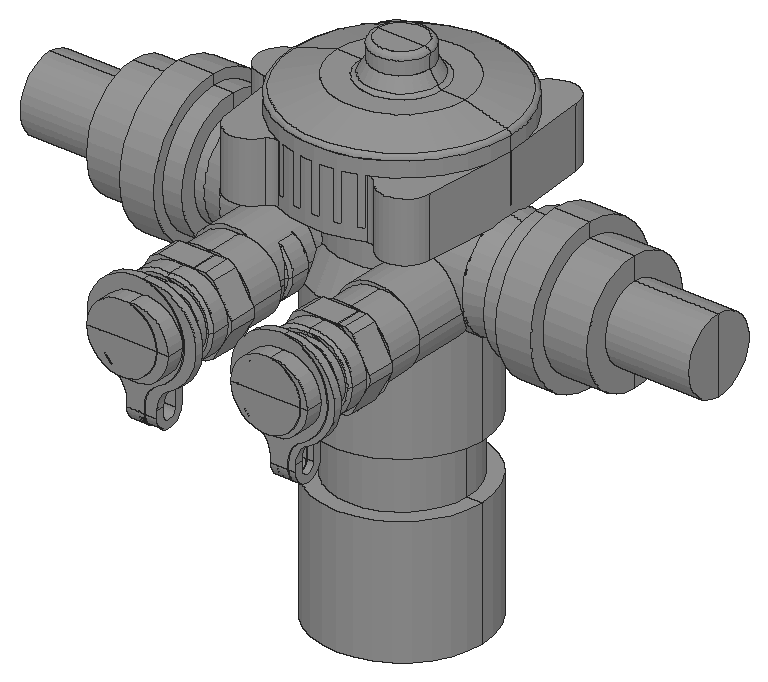
Revit family "Комби-клапан – регулятор расхода 4006_M_SMART", category Rohrzubehör, Revit 2018
Family settings
  Bemaßung runder Anschluss = Durchmesser verwenden
  Teiletyp = Unterbricht
  OmniClass-Nummer = 23.65.55.14
  OmniClass-Titel = Valves for Liquid Services
  Arbeitsebenenbasiert = Nein
  Immer vertikal = Ja
  Beim Laden mit Abzugskörper schneiden = Nein
  Gemeinsam genutzt = Nein
Parameters
  Номер заказа резьбового соединения [instance] = size_lookup("4006M_S", "Vrnr", 0, Nennweite)  # 1621011
  Номер заказа [instance] = size_lookup("4006M_S", "Artnr", 0, Nennweite)  # 1400621
  Мин. рабочая температура (антифриз) = -20 °C  # constant formula
  Мин. рабочая температура (чистая вода) = 2 °C  # constant formula
  Макс. рабочая температура до DN32 = 130 °C  # constant formula
  Макс. рабочая температура от DN40 = 110 °C  # constant formula
  Макс. рабочее давление = 1600000.0 Pa  # constant formula
  Среда = "Качество теплоносителя в соответствии с ÖNORM H5195 и/или предписаниями VDI-Standard 2035.\nРазрешается использование смеси этилен- или пропиленгликоля в соотношении 25-50% с водой."
  VRL01 [instance] = size_lookup("4006M_S", "VRL1", 30.000 mm, Nennweite)  # 30.000 mm
  V12 = 17.000 mm  # constant formula
  V10 = 7.000 mm  # constant formula
  V09 [instance] = L06 + 4.000 mm  # 11.000 mm
  V07 = 8.000 mm  # constant formula
  V06 [instance] = 12.000 mm  # constant formula
  V05 [instance] = 13.200 mm  # constant formula
  V04 [instance] = V08 + 3.000 mm  # 13.000 mm
  V03 [instance] = V08 + 5.000 mm  # 15.000 mm
  V02 [instance] = V01 + 4.500 mm  # 12.000 mm
  V01 [instance] = Nennweite / 2  # 7.500 mm
  URL = "www.herz-armaturen.ru"
  Шпиндель = "Нержавеющая сталь 14301"  # constant formula
  SCRNSEQ = "ARM;ARM_TYP=\"DURR\";2"
  SCRNCODE = "05;04;02"  # constant formula
  S09 = 10.000 mm  # constant formula
  S08 = 30.000 mm  # constant formula
  S07 [instance] = H03 + 3.700 mm  # 13.051 mm
  S06 [instance] = 42.550 mm  # constant formula
  S05 = 51.500 mm  # constant formula
  S04 [instance] = V03 * 2  # 30.000 mm
  S03 [instance] = VRL01 + L02  # 64.000 mm
  S02 [instance] = VRL01 + L01  # 71.000 mm
  S01 [instance] = L01 + L02 + (VRL01 * 2)  # 135.000 mm
  R17 [instance] = size_lookup("4006M_S", "R17", 12.500 mm, Nennweite)  # 12.500 mm
  R16 [instance] = size_lookup("4006M_S", "R16", 16.500 mm, Nennweite)  # 16.500 mm
  R15 = 7.225 mm  # constant formula
  R14 = 8.070 mm  # constant formula
  R13 = 3.496 mm  # constant formula
  R12 = 6.800 mm  # constant formula
  R11 = 9.620 mm  # constant formula
  R10 = 6.800 mm  # constant formula
  R09 = 16.292 mm  # constant formula
  R08 = 13.212 mm  # constant formula
  R07 = 18.816 mm  # constant formula
  R06 = 22.000 mm  # constant formula
  R05 = 12.954 mm  # constant formula
  R04 = 7.193 mm  # constant formula
  R03 = 5.755 mm  # constant formula
  R02 = 4.670 mm  # constant formula
  R01 [instance] = size_lookup("4006M_S", "R01", 11.000 mm, Nennweite)  # 11.000 mm
  PN = 16  # constant formula
  Кольцевое уплотнение O-Ring = "EPDM"  # constant formula
  V08 [instance] = size_lookup("4006M_S", "N2", 10.000 mm, Nennweite)  # 10.000 mm
  Nennweite/2 [instance] = size_lookup("4006M_S", "N1", 8.000 mm, Nennweite)  # 9.000 mm
  Nennweite [instance] = 15.000 mm
  Корпус мембраны = "латунь CW602N"  # constant formula
  Мембрана = "EPDM"  # constant formula
  L15 [instance] = size_lookup("4006M_S", "L15", 3.300 mm, Nennweite)  # 3.300 mm
  L14 [instance] = size_lookup("4006M_S", "L14", 43.477 mm, Nennweite)  # 43.477 mm
  L13 [instance] = size_lookup("4006M_S", "L13", 32.232 mm, Nennweite)  # 32.232 mm
  L12 [instance] = size_lookup("4006M_S", "L12", 6.497 mm, Nennweite)  # 6.497 mm
  L11 [instance] = size_lookup("4006M_S", "L11", 5.418 mm, Nennweite)  # 5.418 mm
  L10 [instance] = size_lookup("4006M_S", "L10", 12.434 mm, Nennweite)  # 12.434 mm
  L09 [instance] = size_lookup("4006M_S", "L09", 24.943 mm, Nennweite)  # 24.943 mm
  L08 [instance] = size_lookup("4006M_S", "L08", 28.260 mm, Nennweite)  # 28.260 mm
  L07 [instance] = size_lookup("4006M_S", "L07", 33.915 mm, Nennweite)  # 33.915 mm
  L06 = 7.000 mm  # constant formula
  L05 = 9.000 mm  # constant formula
  L04 = 21.000 mm  # constant formula
  L03 = 28.000 mm  # constant formula
  L02 = 34.000 mm  # constant formula
  L01 = 41.000 mm  # constant formula
  Импульсная трубка = "Медь Cu-DHP (CW024A)"  # constant formula
  Ход = 4.000 mm  # constant formula
  Hersteller = "Herz-Armaturen GmbH"  # constant formula
  H04 = 12.000 mm  # constant formula
  H03 = 9.351 mm  # constant formula
  H02 [instance] = size_lookup("4006M_S", "H2", 69.000 mm, Nennweite)  # 69.000 mm
  H01 [instance] = size_lookup("4006M_S", "H1", 35.000 mm, Nennweite)  # 35.000 mm
  H [instance] = 112.553 mm  # constant formula
  Корпус = "Латунь, устойчивая к селективной цинковой коррозии"  # constant formula
  E20 = 108.221 mm  # constant formula
  E19 = 5.000 mm  # constant formula
  E18 = 5.150 mm  # constant formula
  E17 = 28.850 mm  # constant formula
  E16 = 23.700 mm  # constant formula
  E15 = 21.877 mm  # constant formula
  E14 = 20.506 mm  # constant formula
  E13 = 11.063 mm  # constant formula
  E12 = 9.001 mm  # constant formula
  E11 = 10.700 mm  # constant formula
  E10 = 20.427 mm  # constant formula
  E09 = 20.075 mm  # constant formula
  E08 = 20.825 mm  # constant formula
  E07 = 5.150 mm  # constant formula
  E06 = 17.921 mm  # constant formula
  E05 = 20.519 mm  # constant formula
  E04 = 19.704 mm  # constant formula
  E03 = 18.385 mm  # constant formula
  E02 = 20.014 mm  # constant formula
  E01 = 23.000 mm  # constant formula
  Пружина = "Пружинная нержавеющая сталь"  # constant formula
  DN20 [instance] = yes
  DN15 [instance] = yes
  Защитный колпачок = "Пластик"  # constant formula
  B09 = 7.998 mm  # constant formula
  B08 = 23.556 mm  # constant formula
  B07 = 30.908 mm  # constant formula
  B06 = 39.471 mm  # constant formula
  B05 = 40.933 mm  # constant formula
  B04 = 41.901 mm  # constant formula
  B03 = 44.372 mm  # constant formula
  B02 = 45.400 mm  # constant formula
  B01 = 50.000 mm  # constant formula
  Область применения = "Комби-клапан применяется в системах отопления и охлаждения с насосами. Комби-клапан автоматически ограничивает расход на выбранном участке системы до заданного значения, компенсируя все колебания давления. При этом нет необходимости в измерениях, а регулирование эффективно при любых условиях эксплуатации. Комби-клапан регулирует расход в соответствии с настройкой до заданного значения; на мембрану воздействует давление непосредственно до и после регулирующей части."
Reference planes
  plane 1 "Mitte (Vorne/hinten)": y = 0
  plane 2: z = 0
  plane 3 "Mitte (Links/rechts)": x = 0
Forms (mm)
  Revolve 1, solid, material "Messing, weicher Gelbton, geschweißt", detail levels fine
    sketch origin (0, 0, 0) x (1, 0, 0) y (0, 0, 1)
      loop
        line (-41, 9) -> (-34, 9) -> (-34, 0) -> (27, 0) -> (27, 9) -> (34, 9) -> (34, 10) -> (25, 10) -> (21, 11) -> (-28, 11) -> (-32, 10) -> (-41, 10) -> (-41, 9)
      axis (-41, 0) -> (34, 0)
    angle from 0 to 360
  Revolve 2, solid, material "Messing, weicher Gelbton, geschweißt", detail levels fine
    sketch origin (0, 0, 0) x (1, 0, 0) y (0, 0, 1)
      loop
        line (0, -69) -> (16.292, -69) -> (16.292, -43.477) -> (13.212, -43.477) -> (13.212, -32.232) -> (16.292, -32.232) -> (16.292, -6.497) -> (13.212, 0.106) -> (13.212, 5.418) -> (18.816, 12.434) -> (22, 12.434) -> (22, 24.943)
        arc (22, 24.943) -> (21.752, 25.523) -> (21.223, 25.866) r 1.085
        line (21.223, 25.866) -> (12.954, 28.26) -> (8.134, 28.26)
        arc (8.134, 28.26) -> (7.591, 28.406) -> (7.193, 28.803) r 1.086
        line (7.193, 28.803) -> (5.755, 31.294) -> (5.755, 33.915)
        arc (5.755, 33.915) -> (5.437, 34.682) -> (4.67, 35) r 1.085
        line (4.67, 35) -> (0, 35) -> (0, -69)
      axis (0, 35) -> (0, -69)
    angle from 0 to 360
  Extrusion 3, solid, material "Messing, weicher Gelbton, geschweißt", detail levels fine
    sketch origin (0, 0, 28.917) x (1, 0, 0) y (0, 1, 0)
      loop
        arc (-20.506, 17.921) -> (-21.381, 11.556) -> (-21.877, 5.15) r 108.259
        line (-21.877, 5.15) -> (-23.7, 5.15)
        arc (-23.7, 5.15) -> (-27.342, 3.642) -> (-28.85, 0) r 5.15
        arc (-28.85, 0) -> (-27.342, -3.642) -> (-23.7, -5.15) r 5.15
        line (-23.7, -5.15) -> (-21.877, -5.15)
        arc (-21.877, -5.15) -> (-21.356, -11.79) -> (-20.427, -18.385) r 108.259
        arc (-20.427, -18.385) -> (-16.688, -23.223) -> (-11.063, -20.825) r 5
        arc (-11.063, -20.825) -> (-10.143, -20.146) -> (-9.001, -20.075) r 2.019
        arc (-9.001, -20.075) -> (0, -22.001) -> (9.001, -20.075) r 22.001
        arc (9.001, -20.075) -> (10.143, -20.145) -> (11.063, -20.825) r 2.019
        arc (11.063, -20.825) -> (16.688, -23.223) -> (20.427, -18.385) r 5
        arc (20.427, -18.385) -> (22, 0) -> (20.427, 18.385) r 108.221
        arc (20.427, 18.385) -> (16.253, 23.316) -> (10.7, 20.014) r 5
        arc (10.7, 20.014) -> (9.88, 19.699) -> (9.001, 19.704) r 2.379
        arc (9.001, 19.704) -> (0, 21.663) -> (-9.001, 19.704) r 21.663
        arc (-9.001, 19.704) -> (-10.161, 19.785) -> (-11.063, 20.519) r 1.927
        arc (-11.063, 20.519) -> (-16.774, 22.818) -> (-20.506, 17.921) r 5.079
    from -18.973 to -6.973
  Revolve 4, solid, material "Messing, weicher Gelbton, geschweißt", detail levels fine
    sketch origin (0, 0, -3.3) x (1, 0, 0) y (0, 1, 0)
      loop
        line (-24.57, -7.998) -> (-24.57, -22.322) -> (-16.5, -22.322) -> (-16.5, -7.998) -> (-24.57, -7.998)
      axis (-16.5, -7.998) -> (-16.5, -22.322)
    angle from 0 to 360
  Revolve 5, solid, material "Messing, weicher Gelbton, geschweißt", detail levels fine
    sketch origin (-4, 0, -3.3) x (-1, 0, 0) y (0, -1, 0)
      loop
        line (-24.57, 7.998) -> (-16.5, 7.998) -> (-16.5, 22.322) -> (-24.57, 22.322) -> (-24.57, 7.998)
      axis (-16.5, 7.998) -> (-16.5, 22.322)
    angle from 0 to 360
  Revolve 6, solid, material "Messing, weicher Gelbton, geschweißt", detail levels fine
    sketch origin (0, 0, 0) x (1, 0, 0) y (0, 0, 1)
      loop
        line (34, 0) -> (64, 0) -> (64, 7.5) -> (47, 7.5) -> (47, 12) -> (38, 12) -> (38, 15) -> (31, 15) -> (31, 13) -> (27, 13) -> (27, 10) -> (34, 10) -> (34, 0)
      axis (27, 0) -> (64, 0)
    angle from 0 to 360
  Revolve 7, solid, material "Messing, weicher Gelbton, geschweißt", detail levels fine
    sketch origin (-7, 0, 0) x (-1, 0, 0) y (0, 0, 1)
      loop
        line (34, 0) -> (64, 0) -> (64, 7.5) -> (47, 7.5) -> (47, 12) -> (38, 12) -> (38, 15) -> (31, 15) -> (31, 13) -> (27, 13) -> (27, 10) -> (34, 10) -> (34, 0)
      axis (27, 0) -> (64, 0)
    angle from 0 to 360
Lines and regions (mm)
  model lines, detail levels coarse+medium
    curve 1: line (67.5, -15, 0) -> (67.5, 15, 0)
    curve 2: line (67.5, 15, 0) -> (-67.5, -15, 0)
    curve 3: line (-67.5, -15, 0) -> (-67.5, 15, 0)
    curve 4: line (-67.5, 15, 0) -> (67.5, -15, 0)
    curve 5: line (-67.5, 14.673, 0) -> (0, -12.434, 0)
    curve 6: line (0, -12.434, 0) -> (67.5, 14.673, 0)
    curve 7: line (0, -12.434, 0) -> (0, -21.949, 0)
    curve 8: spline (-22, -28.474, 0) -> (-21.25, -26.786, 0) -> (-19.053, -25.212, 0) -> (-15.556, -23.86, 0) -> (-11, -22.823, 0) -> (-5.694, -22.171, 0) -> (0, -21.949, 0) -> (5.694, -22.171, 0) -> (11, -22.823, 0) -> (15.556, -23.86, 0) -> (19.053, -25.212, 0) -> (21.25, -26.786, 0) -> (22, -28.475, 0) -> (21.25, -30.163, 0) -> (19.053, -31.737, 0) -> (15.556, -33.089, 0) -> (11, -34.126, 0) -> (5.694, -34.778, 0) -> (0, -35, 0) -> (-5.694, -34.778, 0) -> (-11, -34.126, 0) -> (-15.556, -33.089, 0) -> (-19.053, -31.737, 0) -> (-21.25, -30.163, 0) -> (-22, -28.474, 0)
    curve 9: line (-67.5, 0, 15) -> (-67.5, 0, -14.954)
    curve 10: line (-67.5, 0, -14.954) -> (67.5, 0, 15)
    curve 11: line (67.5, 0, 15) -> (67.5, 0, -14.954)
    curve 12: line (67.5, 0, -14.954) -> (-67.5, 0, 15)
    curve 13: line (67.5, 0, -15) -> (0, 0, 12.434)
    curve 14: line (0, 0, 12.434) -> (-67.5, 0, -15)
    curve 15: line (0, 0, 12.434) -> (0, 0, 21.949)
    curve 16: spline (-22, 0, 28.475) -> (-21.25, 0, 30.163) -> (-19.053, 0, 31.737) -> (-15.556, 0, 33.089) -> (-11, 0, 34.126) -> (-5.694, 0, 34.778) -> (0, 0, 35) -> (5.694, 0, 34.778) -> (11, 0, 34.126) -> (15.556, 0, 33.089) -> (19.053, 0, 31.737) -> (21.25, 0, 30.163) -> (22, 0, 28.474) -> (21.25, 0, 26.786) -> (19.053, 0, 25.212) -> (15.556, 0, 23.86) -> (11, 0, 22.823) -> (5.694, 0, 22.171) -> (0, 0, 21.949) -> (-5.694, 0, 22.171) -> (-11, 0, 22.823) -> (-15.556, 0, 23.86) -> (-19.053, 0, 25.212) -> (-21.25, 0, 26.786) -> (-22, 0, 28.475)
  model lines
    curve 17: line (-67.5, 0, 15) -> (-77.5, 0, 15)
    curve 18: line (-77.5, 0, 15) -> (-67.5, 0, 0)
    curve 19: line (-67.5, 0, -15) -> (-77.5, 0, -15)
    curve 20: line (-77.5, 0, -15) -> (-67.5, 0, 0)
    curve 21: line (-67.5, 0, 0) -> (-97.5, 0, 0)
    curve 22: line (67.5, 0, 15) -> (77.5, 0, 15)
    curve 23: line (77.5, 0, 15) -> (67.5, 0, 0)
    curve 24: line (67.5, 0, -15) -> (77.5, 0, -15)
    curve 25: line (77.5, 0, -15) -> (67.5, 0, 0)
    curve 26: line (67.5, 0, 0) -> (97.5, 0, 0)
Dimensions and locks
  "H02": level to Revolve 2 sketch curve
  "L01": plane 3 "Mitte (Links/rechts)" to Revolve 1 sketch curve
  "V08": Revolve 1 sketch curve to Revolve 1 sketch curve  (x2)
  "Nennweite/2": Revolve 1 sketch curve to Revolve 1 sketch curve  (x2)
  "E01": plane 1 "Mitte (Vorne/hinten)" to Extrusion 3 sketch curve
  "L03": plane 3 "Mitte (Links/rechts)" to Revolve 1 sketch curve
  "L04": Revolve 1 sketch curve to plane 3 "Mitte (Links/rechts)"
  "L05": Revolve 1 sketch curve to Revolve 1 sketch curve  (x2)
  "L06": Revolve 1 sketch curve to Revolve 1 sketch curve  (x2)
  "L02": Revolve 1 sketch curve to plane 3 "Mitte (Links/rechts)"
  "H01": Revolve 2 sketch curve to level
  "R02": Revolve 2 sketch curve to Revolve 2 sketch curve
  "R03": Revolve 2 sketch curve to Revolve 2 sketch curve
  "R04": Revolve 2 sketch curve to Revolve 2 sketch curve
  "R05": Revolve 2 sketch curve to Revolve 2 sketch curve
  "R06": Revolve 2 sketch curve to Revolve 2 sketch curve
  "R07": Revolve 2 sketch curve to Revolve 2 sketch curve
  "R08": Revolve 2 sketch curve to Revolve 2 sketch curve  (x2)
  "R09": Revolve 2 sketch curve to Revolve 2 sketch curve  (x2)
  "L07": Revolve 2 sketch curve to plane 2
  "L08": Revolve 2 sketch curve to plane 2
  "L09": Revolve 2 sketch curve to plane 2
  "L10": Revolve 2 sketch curve to plane 2
  "L11": Revolve 2 sketch curve to plane 2
  "L12": plane 2 to Revolve 2 sketch curve
  "L13": plane 2 to Revolve 2 sketch curve
  "L14": plane 2 to Revolve 2 sketch curve
  "B09": Revolve 4 sketch curve to plane 1 "Mitte (Vorne/hinten)"
  "R14": Revolve 4 sketch curve to Revolve 4 sketch curve
  "R14": Revolve 5 sketch curve to Revolve 5 sketch curve
  "B09": plane 1 "Mitte (Vorne/hinten)" to Revolve 5 sketch curve
  "R17": plane 3 "Mitte (Links/rechts)" to Revolve 5 sketch curve
  "E02": plane 1 "Mitte (Vorne/hinten)" to Extrusion 3 sketch curve
  "E03": plane 1 "Mitte (Vorne/hinten)" to Extrusion 3 sketch curve
  "E04": plane 1 "Mitte (Vorne/hinten)" to Extrusion 3 sketch curve  (x2)
  "E05": plane 1 "Mitte (Vorne/hinten)" to Extrusion 3 sketch curve
  "E06": plane 1 "Mitte (Vorne/hinten)" to Extrusion 3 sketch curve
  "E07": plane 1 "Mitte (Vorne/hinten)" to Extrusion 3 sketch curve  (x2)
  "E03": Extrusion 3 sketch curve to plane 1 "Mitte (Vorne/hinten)"  (x2)
  "E08": Extrusion 3 sketch curve to plane 1 "Mitte (Vorne/hinten)"  (x2)
  "E09": Extrusion 3 sketch curve to plane 1 "Mitte (Vorne/hinten)"  (x2)
  "E07": Extrusion 3 sketch curve to plane 1 "Mitte (Vorne/hinten)"
  "E10": plane 3 "Mitte (Links/rechts)" to Extrusion 3 sketch curve  (x2)
  "E11": plane 3 "Mitte (Links/rechts)" to Extrusion 3 sketch curve
  "E12": plane 3 "Mitte (Links/rechts)" to Extrusion 3 sketch curve  (x2)
  "E12": Extrusion 3 sketch curve to plane 3 "Mitte (Links/rechts)"  (x2)
  "E13": Extrusion 3 sketch curve to plane 3 "Mitte (Links/rechts)"  (x2)
  "E14": Extrusion 3 sketch curve to plane 3 "Mitte (Links/rechts)"
  "E15": Extrusion 3 sketch curve to plane 3 "Mitte (Links/rechts)"  (x2)
  "E16": Extrusion 3 sketch curve to plane 3 "Mitte (Links/rechts)"  (x2)
  "E17": Extrusion 3 sketch curve to plane 3 "Mitte (Links/rechts)"
  "E10": Extrusion 3 sketch curve to plane 3 "Mitte (Links/rechts)"
  "E13": plane 3 "Mitte (Links/rechts)" to Extrusion 3 sketch curve
  "H03": Revolve 2 to Extrusion 3
  "R16": Revolve 4 sketch curve to plane 3 "Mitte (Links/rechts)"
  "H04": Extrusion 3 to Extrusion 3
  "R01": Revolve 1 sketch curve to Revolve 1 sketch curve
  "V03": Revolve 6 sketch curve to plane 2
  "V04": Revolve 6 sketch curve to plane 2
  "V08": Revolve 6 sketch curve to plane 2
  "L06": Revolve 6 sketch curve to Revolve 6 sketch curve
  "L02": plane 3 "Mitte (Links/rechts)" to Revolve 6 sketch curve
  "V01": Revolve 6 sketch curve to plane 2
  "V02": Revolve 6 sketch curve to plane 2
  "V09": Revolve 6 sketch curve to Revolve 6 sketch curve
  "V10": Revolve 6 sketch curve to Revolve 6 sketch curve
  "V12": Revolve 6 sketch curve to Revolve 6 sketch curve
  "L06": Revolve 7 sketch curve to Revolve 7 sketch curve
  "V09": Revolve 7 sketch curve to Revolve 7 sketch curve
  "V10": Revolve 7 sketch curve to Revolve 7 sketch curve
  "V12": Revolve 7 sketch curve to Revolve 7 sketch curve
  "L01": Revolve 7 sketch curve to plane 3 "Mitte (Links/rechts)"
  "V01": Revolve 7 sketch curve to plane 2
  "V02": Revolve 7 sketch curve to plane 2
  "V03": Revolve 7 sketch curve to plane 2
  "V08": Revolve 7 sketch curve to plane 2
  "V04": Revolve 7 sketch curve to plane 2
  "VRL01": Revolve 7 sketch curve to Revolve 7 sketch curve
  "S04": curve 3 to curve 4
  "S04": curve 4 to curve 2
  "VRL01": Revolve 6 sketch curve to Revolve 6 sketch curve
  equal spacing: curve 3, plane 1 "Mitte (Vorne/hinten)", curve 4
  equal spacing: curve 4, plane 1 "Mitte (Vorne/hinten)", curve 2
  equal spacing: curve 3, plane 3 "Mitte (Links/rechts)", curve 1
  "R06": curve 8 to plane 3 "Mitte (Links/rechts)" to curve 8
  "S01": curve 3 to curve 1
  "L10": curve 7 to plane 1 "Mitte (Vorne/hinten)"
  "H01": curve 8 to plane 1 "Mitte (Vorne/hinten)"
  "S07": curve 8 to curve 8
  "S01": curve 9 to curve 11
  equal spacing: curve 9, curve 8, curve 11
  equal spacing: curve 9, plane 3 "Mitte (Links/rechts)", curve 11
  "S04": curve 11 to curve 13
  "S04": curve 12 to curve 14
  equal spacing: curve 12, plane 2, curve 14
  equal spacing: curve 11, plane 2, curve 13
  "R06": curve 16 to plane 3 "Mitte (Links/rechts)" to curve 16
  "S07": curve 16 to curve 16
  "H01": curve 16 to plane 2
  "L10": curve 15 to plane 2
  "S09": curve 18 to curve 9
  "S09": curve 20 to curve 9
  "V03": curve 17 to plane 2 to curve 19
  "S08": curve 21 to curve 9
  "S09": curve 11 to curve 23
  "S09": curve 11 to curve 25
  "S08": curve 11 to curve 26
  "V03": curve 22 to plane 2 to curve 24
  "L15": plane 2 to Revolve 4
  "L15": plane 2 to Revolve 5
  "L15": plane 2 to nested 2
  "L15": plane 2 to nested 4
  "L15": plane 2 to nested 3
  "L15": plane 2 to nested 5
  "B01": nested 2 to plane 1 "Mitte (Vorne/hinten)"
  "B01": nested 4 to plane 1 "Mitte (Vorne/hinten)"
  "B01": nested 5 to plane 1 "Mitte (Vorne/hinten)"
  "B01": nested 3 to plane 1 "Mitte (Vorne/hinten)"
  "E18": radius of Extrusion 3 sketch curve  (x2)
  "E19": radius of Extrusion 3 sketch curve  (x3)
  "E20": radius of Extrusion 3 sketch curve
  aligned and locked: level to plane 2
Automatic sketch dimensions
  curve 18 to level = 0.000 mm
  curve 26 to level = 0.000 mm
  curve 19 to curve 18 = 10.000 mm
  curve 26 to curve 22 = 10.000 mm
  curve 17 to curve 17 = 10.000 mm
  curve 19 to curve 19 = 10.000 mm
  curve 22 to curve 22 = 10.000 mm
  curve 24 to curve 24 = 10.000 mm
  curve 6 to plane 3 "Mitte (Links/rechts)" = 0.000 mm
  curve 6 to curve 1 = 0.327 mm
  curve 5 to curve 3 = 0.327 mm
  Revolve 1 sketch curve to level = 0.000 mm  (x2)
  Revolve 1 sketch curve to Revolve 1 sketch curve = 1307.458 mm
  Revolve 1 sketch curve to Revolve 1 sketch curve = 1854.450 mm
  Revolve 2 sketch curve to plane 3 "Mitte (Links/rechts)" = 0.000 mm  (x2)
  Revolve 2 sketch curve to Revolve 2 sketch curve = 0.941 mm
  Revolve 2 sketch curve to Revolve 2 sketch curve = 1.078 mm
  Revolve 2 sketch curve to Revolve 2 sketch curve = 0.302 mm
  level to Revolve 2 sketch curve = 0.106 mm
  Revolve 2 sketch curve to Revolve 2 sketch curve = 0.119 mm
  Revolve 2 sketch curve to Revolve 2 sketch curve = 0.543 mm
  Revolve 2 sketch curve to Revolve 2 sketch curve = 2.621 mm
  Revolve 2 sketch curve to Revolve 2 sketch curve = 297.045 mm
  Revolve 2 sketch curve to Revolve 2 sketch curve = 2179.315 mm
  Extrusion 3 sketch curve to Extrusion 3 sketch curve = 0.000 mm  (x4)
  plane 1 "Mitte (Vorne/hinten)" to Extrusion 3 sketch curve = 0.000 mm
  Extrusion 3 sketch curve to Extrusion 3 sketch curve = 1.610 mm  (x2)
  Extrusion 3 sketch curve to Extrusion 3 sketch curve = 0.451 mm
  Extrusion 3 sketch curve to Extrusion 3 sketch curve = 0.452 mm
  Revolve 4 sketch curve to Revolve 4 sketch curve = 14.324 mm
  Revolve 4 sketch curve to Revolve 4 sketch curve = 0.000 mm  (x3)
  Revolve 5 sketch curve to Revolve 5 sketch curve = 14.324 mm
  Revolve 5 sketch curve to Revolve 5 sketch curve = 0.000 mm  (x3)
  Revolve 6 sketch curve to level = 0.000 mm  (x2)
  Revolve 6 sketch curve to Revolve 6 sketch curve = 0.000 mm  (x2)
  Revolve 7 sketch curve to level = 0.000 mm  (x2)
  Revolve 7 sketch curve to Revolve 7 sketch curve = 0.000 mm  (x2)
  curve 14 to plane 3 "Mitte (Links/rechts)" = 0.000 mm
  curve 14 to curve 10 = 0.046 mm
  curve 13 to curve 12 = 0.046 mm
Nested families
  nested 1: "Herz-Logo-vorne" at (0, -16.056, -19.148) x (0, 1, 0) z (0, 0, 1), type "Herz-Logo-vorne", detail levels fine
  nested 2: "Messstutzen_Band_Eintritt" at (-16.5, -13.322, -3.3), visible <- "DN15", type "Messstutzen_Band_Eintritt"
    with Schutzkappe yes, Nennweite 0.000 mm, Gewicht 0.00 kg, Bestellnummer 0
  nested 3: "Messstutzen_Band_Austritt" at (12.5, -13.322, -3.3), visible <- "DN15", type "Messstutzen_Band_Austritt"
    with Schutzkappe yes, Nennweite 0.000 mm, Gewicht 0.00 kg, Bestellnummer 0
  nested 4: "Messstutzen_Band_Eintritt" at (-14, -13.322, -3.3), visible <- "DN20", type "Messstutzen_Band_Eintritt"
    with Schutzkappe yes, Nennweite 0.000 mm, Gewicht 0.00 kg, Bestellnummer 0
  nested 5: "Messstutzen_Band_Austritt" at (14, -13.322, -3.3), visible <- "DN20", type "Messstutzen_Band_Austritt"
    with Schutzkappe yes, Nennweite 0.000 mm, Gewicht 0.00 kg, Bestellnummer 0
Connectors
  piping at (64, 0, 0), diameter 15, driven by "Nennweite"
    settings: on Revolve 6, index 3, connector inside diameter 609.6 mm, connector length 0.000 mm, flow factor 0, pipe flow 0.0 L/s, pressure drop 0.0 Pa, fitting loss kfactor 0, connector angle 0.00°, fixture units 0, engagement length 0.000 mm, angle of deflection 0.00°, flow configuration 0, flow direction 2, fitting loss method 0, system type 29, joint type 0, gender type 0, connector reference index -1, connector utility 0, adjustable connector no, is connector primary yes, connector description ""
  piping at (-71, 0, 0), diameter 15, driven by "Nennweite"
    settings: on Revolve 7, index 4, connector inside diameter 609.6 mm, connector length 0.000 mm, flow factor 0, pipe flow 0.0 L/s, pressure drop 0.0 Pa, fitting loss kfactor 0, connector angle 0.00°, fixture units 0, engagement length 0.000 mm, angle of deflection 0.00°, flow configuration 0, flow direction 1, fitting loss method 0, system type 29, joint type 0, gender type 0, connector reference index -1, connector utility 0, adjustable connector no, is connector primary no, connector description ""
Definition of nested family "Herz-Logo-vorne"
  Reference planes
    plane 1 "Mitte (Vorne/hinten)": y = 0
    plane 2: z = 0
    plane 3 "Mitte (Links/rechts)": x = 0
  Forms (mm)
    Extrusion 1, solid
      sketch origin (0.732, -0.018, 0.017) x (0, -1, 0) y (0, 0, 1)
        loop
          line (-0.018, -4.517) -> (4.482, -4.517) -> (4.482, 4.483) -> (-4.518, 4.483) -> (-4.518, -4.517) -> (-0.018, -4.517)
        loop
          line (-0.05, -3.48) -> (3.482, -3.48) -> (3.482, 3.483) -> (-3.518, 3.483) -> (-3.518, -3.48) -> (-0.05, -3.48)
        loop
          arc (-0.018, 2.383) -> (-1.543, 3.287) -> (-3.067, 2.383) r 1.738
          arc (-3.067, 2.383) -> (-3.191, 1.899) -> (-3.067, 1.415) r 1.009
          line (-3.067, 1.415) -> (-0.018, -3.281) -> (3.032, 1.415)
          arc (3.032, 1.415) -> (3.156, 1.899) -> (3.032, 2.383) r 1.009
          arc (3.032, 2.383) -> (1.507, 3.287) -> (-0.018, 2.383) r 1.738
        loop
          arc (1.885, 1.272) -> (2.005, 1.675) -> (1.885, 2.079) r 0.74
          arc (1.885, 2.079) -> (1.265, 2.416) -> (0.644, 2.079) r 0.74
          line (0.644, 2.079) -> (-0.018, 0.97) -> (-0.679, 2.079)
          arc (-0.679, 2.079) -> (-1.3, 2.416) -> (-1.921, 2.079) r 0.74
          arc (-1.921, 2.079) -> (-2.04, 1.675) -> (-1.921, 1.272) r 0.74
          line (-1.921, 1.272) -> (-0.018, -1.658) -> (1.885, 1.272)
      from 0 to 1.5
  Dimensions and locks
    aligned and locked: level to plane 2
Definition of nested family "Messstutzen_Band_Eintritt"
  Parameters (values of type "Messstutzen_Band_Eintritt")
    URL = "www.herz-armaturen.at"
    Schutzkappe [instance] = yes
    Nennweite [instance] = 0.000 mm
    Manufacturer = "Herz Armaturen GmbH"  # constant formula
    Gewicht [instance] = 0.00 kg
    Bestellnummer [instance] = 0
  Reference planes
    plane 1 "Mitte (Vorne/hinten)": y = 0
    plane 2: z = 0
    plane 3 "Mitte (Links/rechts)": x = 0
    plane 4 "Schlaufe 1": y = -27
    plane 5 "Schlaufe 2": y = -31.678
  Forms (mm)
    Revolve 1, solid, detail levels fine
      sketch origin (0, 0, 0) x (1, 0, 0) y (0, 1, 0)
        loop
          line (-7.4, -9) -> (-7.4, -16.5)
          arc (-7.4, -16.5) -> (-7.693, -17.207) -> (-8.4, -17.5) r 1
          line (-8.4, -17.5) -> (-2, -17.5) -> (-2, 0) -> (-5.555, 0) -> (-6.455, -0.9) -> (-6.455, -4.681) -> (-5.843, -5.293)
          arc (-5.843, -5.293) -> (-5.626, -5.617) -> (-5.55, -6) r 1
          line (-5.55, -6) -> (-5.55, -9) -> (-7.4, -9)
        loop
          line (-3.7, -27) -> (-3.7, -30.45) -> (-4.415, -30.863) -> (-4.415, -35.19) -> (-3.805, -35.8) -> (-2, -35.8) -> (-2, -23) -> (-7.9, -23) -> (-7.9, -26.4) -> (-7.3, -27) -> (-3.7, -27)
        axis (0, 0) -> (0, -35.8)
      angle from 0 to 360
    Extrusion 2, solid, detail levels fine
      sketch origin (0, -17.5, 0) x (-1, 0, 0) y (0, 0, -1)
        loop
          line (5.156, -7.07) -> (8.7, -0.93)
          arc (8.7, -0.93) -> (8.75, 0) -> (8.7, 0.93) r 8.75
          line (8.7, 0.93) -> (5.156, 7.07)
          arc (5.156, 7.07) -> (4.375, 7.578) -> (3.544, 8) r 8.75
          line (3.544, 8) -> (-3.544, 8)
          arc (-3.544, 8) -> (-4.375, 7.578) -> (-5.156, 7.07) r 8.75
          line (-5.156, 7.07) -> (-8.7, 0.93)
          arc (-8.7, 0.93) -> (-8.75, 0) -> (-8.7, -0.93) r 8.75
          line (-8.7, -0.93) -> (-5.156, -7.07)
          arc (-5.156, -7.07) -> (-4.375, -7.578) -> (-3.544, -8) r 8.75
          line (-3.544, -8) -> (3.544, -8)
          arc (3.544, -8) -> (4.375, -7.578) -> (5.156, -7.07) r 8.75
      from 0 to 5.5
    Revolve 3, solid, visible <- "Schutzkappe", detail levels fine
      sketch origin (0, 0, 0) x (1, 0, 0) y (0, 1, 0)
        loop
          line (0, -35.878) -> (-3.805, -35.878) -> (-4.415, -35.268) -> (-4.415, -30.178) -> (-6.9, -30.178) -> (-6.9, -31.678) -> (-6.1, -31.678) -> (-6.1, -33.378) -> (-7, -33.378) -> (-7, -36.678) -> (0, -36.678) -> (0, -35.878)
        axis (0, -30.178) -> (0, -36.678)
      angle from 0 to 360
    Extrusion 4, solid, detail levels fine
      sketch origin (0, -27, 0) x (0, 0, -1) y (-1, 0, 0)
        loop
          circle (0, 0) r 3.7
        loop
          arc (5.505, 3.906) -> (-6.75, 0) -> (5.505, -3.906) r 6.75
          arc (5.505, -3.906) -> (7.288, -2.358) -> (9.582, -1.8) r 5
          line (9.582, -1.8) -> (9.582, 1.8)
          arc (9.582, 1.8) -> (7.288, 2.358) -> (5.505, 3.906) r 5
      from 0 to -1.5
    Extrusion 5, solid, detail levels fine
      sketch origin (0, -31.678, 0) x (0, 0, -1) y (-1, 0, 0)
        loop
          circle (0, 0) r 6.1
        loop
          arc (8.652, 4.495) -> (-9.75, 0) -> (8.652, -4.495) r 9.75
          arc (8.652, -4.495) -> (10.493, -2.527) -> (13.089, -1.8) r 5
          line (13.089, -1.8) -> (13.089, 1.8)
          arc (13.089, 1.8) -> (10.493, 2.527) -> (8.652, 4.495) r 5
      from 0 to -1.5
    Sweep 6, solid, detail levels fine
      path origin (0, 0, 0) x (0, 1, 0) y (0, 0, 1)
        loop
          line (-27.75, -9.582) -> (-27.75, -14.522)
          arc (-27.75, -14.522) -> (-30.089, -16.862) -> (-32.428, -14.522) r 2.339
          line (-32.428, -14.522) -> (-32.428, -13.089)
      profile origin (0, -27.75, -12.052) x (1, 0, 0) y (0, 1, 0)
        loop
          line (-1.8, 0.75) -> (-1.8, -0.75) -> (1.8, -0.75) -> (1.8, 0.75) -> (-1.8, 0.75)
  Cuts and joins
    joined: Extrusion 4, Extrusion 5, Sweep 6
  Dimensions and locks
    aligned and locked: level to plane 2
Definition of nested family "Messstutzen_Band_Austritt"
  Parameters (values of type "Messstutzen_Band_Austritt")
    URL = "www.herz-armaturen.at"
    Schutzkappe [instance] = yes
    Nennweite [instance] = 0.000 mm
    Manufacturer = "Herz Armaturen GmbH"  # constant formula
    Gewicht [instance] = 0.00 kg
    Bestellnummer [instance] = 0
  Reference planes
    plane 1 "Mitte (Vorne/hinten)": y = 0
    plane 2: z = 0
    plane 3 "Mitte (Links/rechts)": x = 0
    plane 4 "Schlaufe 1": y = -27
    plane 5 "Schlaufe 2": y = -31.678
  Forms (mm)
    Revolve 1, solid, detail levels fine
      sketch origin (0, 0, 0) x (1, 0, 0) y (0, 1, 0)
        loop
          line (-7.4, -9) -> (-7.4, -16.5)
          arc (-7.4, -16.5) -> (-7.693, -17.207) -> (-8.4, -17.5) r 1
          line (-8.4, -17.5) -> (-2, -17.5) -> (-2, 0) -> (-5.555, 0) -> (-6.455, -0.9) -> (-6.455, -4.681) -> (-5.843, -5.293)
          arc (-5.843, -5.293) -> (-5.626, -5.617) -> (-5.55, -6) r 1
          line (-5.55, -6) -> (-5.55, -9) -> (-7.4, -9)
        loop
          line (-3.7, -27) -> (-3.7, -30.45) -> (-4.415, -30.863) -> (-4.415, -35.19) -> (-3.805, -35.8) -> (-2, -35.8) -> (-2, -23) -> (-7.9, -23) -> (-7.9, -26.4) -> (-7.3, -27) -> (-3.7, -27)
        axis (0, 0) -> (0, -35.8)
      angle from 0 to 360
    Extrusion 2, solid, detail levels fine
      sketch origin (0, -17.5, 0) x (-1, 0, 0) y (0, 0, -1)
        loop
          line (5.156, -7.07) -> (8.7, -0.93)
          arc (8.7, -0.93) -> (8.75, 0) -> (8.7, 0.93) r 8.75
          line (8.7, 0.93) -> (5.156, 7.07)
          arc (5.156, 7.07) -> (4.375, 7.578) -> (3.544, 8) r 8.75
          line (3.544, 8) -> (-3.544, 8)
          arc (-3.544, 8) -> (-4.375, 7.578) -> (-5.156, 7.07) r 8.75
          line (-5.156, 7.07) -> (-8.7, 0.93)
          arc (-8.7, 0.93) -> (-8.75, 0) -> (-8.7, -0.93) r 8.75
          line (-8.7, -0.93) -> (-5.156, -7.07)
          arc (-5.156, -7.07) -> (-4.375, -7.578) -> (-3.544, -8) r 8.75
          line (-3.544, -8) -> (3.544, -8)
          arc (3.544, -8) -> (4.375, -7.578) -> (5.156, -7.07) r 8.75
      from 0 to 5.5
    Revolve 3, solid, visible <- "Schutzkappe", detail levels fine
      sketch origin (0, 0, 0) x (1, 0, 0) y (0, 1, 0)
        loop
          line (0, -35.878) -> (-3.805, -35.878) -> (-4.415, -35.268) -> (-4.415, -30.178) -> (-6.9, -30.178) -> (-6.9, -31.678) -> (-6.1, -31.678) -> (-6.1, -33.378) -> (-7, -33.378) -> (-7, -36.678) -> (0, -36.678) -> (0, -35.878)
        axis (0, -30.178) -> (0, -36.678)
      angle from 0 to 360
    Extrusion 4, solid, detail levels fine
      sketch origin (0, -27, 0) x (0, 0, -1) y (-1, 0, 0)
        loop
          circle (0, 0) r 3.7
        loop
          arc (5.505, 3.906) -> (-6.75, 0) -> (5.505, -3.906) r 6.75
          arc (5.505, -3.906) -> (7.288, -2.358) -> (9.582, -1.8) r 5
          line (9.582, -1.8) -> (9.582, 1.8)
          arc (9.582, 1.8) -> (7.288, 2.358) -> (5.505, 3.906) r 5
      from 0 to -1.5
    Extrusion 5, solid, detail levels fine
      sketch origin (0, -31.678, 0) x (0, 0, -1) y (-1, 0, 0)
        loop
          circle (0, 0) r 6.1
        loop
          arc (8.652, 4.495) -> (-9.75, 0) -> (8.652, -4.495) r 9.75
          arc (8.652, -4.495) -> (10.493, -2.527) -> (13.089, -1.8) r 5
          line (13.089, -1.8) -> (13.089, 1.8)
          arc (13.089, 1.8) -> (10.493, 2.527) -> (8.652, 4.495) r 5
      from 0 to -1.5
    Sweep 6, solid, detail levels fine
      path origin (0, 0, 0) x (0, 1, 0) y (0, 0, 1)
        loop
          line (-27.75, -9.582) -> (-27.75, -14.522)
          arc (-27.75, -14.522) -> (-30.089, -16.862) -> (-32.428, -14.522) r 2.339
          line (-32.428, -14.522) -> (-32.428, -13.089)
      profile origin (0, -27.75, -12.052) x (1, 0, 0) y (0, 1, 0)
        loop
          line (-1.8, 0.75) -> (-1.8, -0.75) -> (1.8, -0.75) -> (1.8, 0.75) -> (-1.8, 0.75)
  Cuts and joins
    joined: Extrusion 4, Extrusion 5, Sweep 6
  Dimensions and locks
    aligned and locked: level to plane 2
